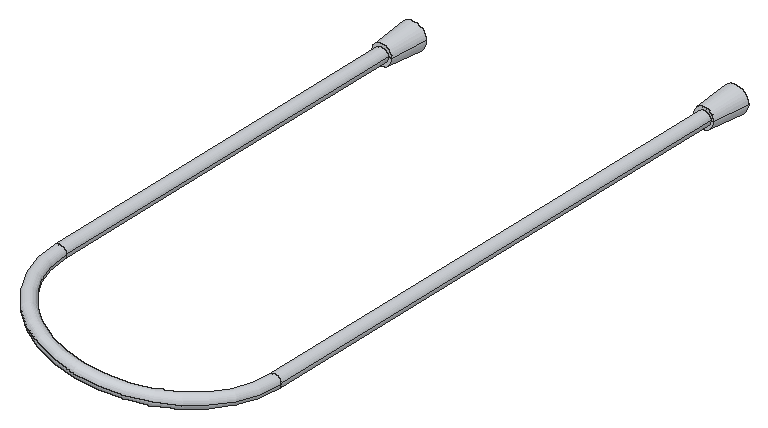
Revit family "Shower-Shower_Hose-KOHLER-Awaken-K-45982_1", category Plumbing Fixtures, host Face, Revit 2017
Family settings
  Host = Face
  Round Connector Dimension = Use Diameter
  Part Type = Normal
  OmniClass Number = 23.31.17.00
  OmniClass Title = Showers
  Cut with Voids When Loaded = No
  Shared = No
  Room Calculation Point = No
Parameters (values of type "CP-Polished Chrome")
  Width = 1/2"  # constant formula
  WaterSense Certified = 1 = 0  # no
  Waste Water Outlet = "Waste Water Outlet"  # constant formula
  Waste Connection = 1 = 0  # no
  Vent Connection = 1 = 0  # no
  URL = "https://www.us.kohler.com/us/"
  Type = 1
  Tempered Water Supply2 = "Tempered Water Supply2"  # constant formula
  Tempered Water Supply1 = "Tempered Water Supply1"  # constant formula
  Product Page URL = "http://www.us.kohler.com/us/catalog/productDetails.jsp?productId=45982"
  Product Name = "Awaken"  # constant formula
  Product Documentation Link = "https://www.us.kohler.com/webassets/kpna/catalog/pdf/en/K-45982_spec_US-CA_Kohler_en.pdf"
  Model = if(Type = 1, "K-45982-CP", if(Type = 2, "K-45982-SN", if(Type = 3, "K-45982-BN", if(Type = 4, "K-45982-2BZ", if(Type = 5, "K-45982-BL", "NA")))))  # "K-45982-CP"
  Material = "Premium Metal Construction"  # constant formula
  MasterFormat 2014 Name = "Residential Showers"  # constant formula
  MasterFormat 2014 = "22 42 23"  # constant formula
  Manufacturer Address = "444 Highland Dr, Kohler, WI 53044"  # constant formula
  Manufacturer = "KOHLER Co."  # constant formula
  Length = 60"  # constant formula
  Hot Water Inlet = "Hot Water Inlet"  # constant formula
  Height = Length  # 60"
  HW Connection = 1 = 1  # yes
  Finish = Kohler-Metal-CP-Polished_Chrome
  Environmental Product Declaration = ""
  Drain Included = 1 = 0  # no
  Distance Between Connectors [instance] = 8"
  Description = "60 inch ribbon hose"  # constant formula
  Default Elevation = 15"
  Declare Label = ""
  Date Modified = "07/07/2020"  # constant formula
  Date Created = "07/07/2020"  # constant formula
  Copyright = "Copyright KOHLER Co."  # constant formula
  Contact Us = "https://www.us.kohler.com/us/static/contact.jsp"
  Connector1 Distance From Wall [instance] = 4"
  Connector2 Distance From Wall [instance] = 5 1/2"
  Connector 2 Length [instance] = 15"
  Connector 1 Length [instance] = 20"
  Cold Water Inlet = "Cold Water Inlet"  # constant formula
  CW Connection = 1 = 0  # no
  Assembly Code = "D2010700"
  ADA Compliant = 1 = 1  # yes
Types (6): name | Type | Model | Finish
  (no name) | 1 | "K-45982-CP" | Kohler-Metal-CP-Polished_Chrome
  CP-Polished Chrome | 1 | "K-45982-CP" | Kohler-Metal-CP-Polished_Chrome
  SN-Vibrant  Polished Nickel | 2 | "K-45982-SN" | Kohler-Metal-SN-Vibrant_Polished_Nickel
  BN-Vibrant Brushed Nickel | 3 | "K-45982-BN" | Kohler-Metal-BN-Vibrant_Brushed_Nickel
  2BZ-Oil Rubbed Bronze | 4 | "K-45982-2BZ" | Kohler-Metal-2BZ-Oil_Rubbed_Bronze
  BL-Matte Black | 5 | "K-45982-BL" | Kohler-Metal-BL-Matte_Black
Reference planes (in)
  plane 1 "Center (Front/Back)": y = 0
  plane 2: z = 0
  plane 3 "Center (Left/Right)": x = 0
  plane 4: x = -8
  plane 5: y = 15
  plane 6: y = 20
  plane 7: y = 21.4375
  plane 8: y = 16.4375
  plane 9: z = 5.5
  plane 10: z = 4
  plane 11: x = -4
Dimensions and locks (in)
  "Connector 2 Length": plane 1 "Center (Front/Back)" to plane 5
  "Connector 1 Length": plane 1 "Center (Front/Back)" to plane 6
  "Distance Between Connectors": plane 4 to plane 3 "Center (Left/Right)"
  locked: plane 6 to plane 7 at 1.4375
  locked: plane 5 to plane 8 at 1.4375
  "Connector2 Distance From Wall": plane 9 to level
  "Connector1 Distance From Wall": plane 10 to level
  equal spacing: plane 4, plane 11, plane 3 "Center (Left/Right)"
  aligned and locked: plane 2 to host face
  aligned and locked: level to host face
Automatic sketch dimensions
  host sketch curve to host sketch curve = 96"  (x2)
Nested families (in)
  nested 1: "K-45982" at (0, 0, 0), Connector Length1 <- "Connector 1 Length", Connector Length2 <- "Connector 2 Length", Dist Between Connector <- "Distance Between Connectors", Dist Form Wall1 <- "Connector2 Distance From Wall", Dist Form Wall2 <- "Connector1 Distance From Wall", type "K-45982"
    with Dist Form Wall2 4", Dist Form Wall1 5 1/2", Dist Between Connector 8", Connector Length2 15", Connector Length1 20"
Connectors (in)
  piping at (0, 21.4375, 4), diameter 0.5, driven by "HW Connection", driven by "Tempered Water Supply1"
    settings: on nested 1, index 1, connector inside diameter 24", connector length 0", flow factor 0, pipe flow 0 GPM, pressure drop 0.00 psi, fitting loss kfactor 0, connector angle 0.00°, fixture units 0, engagement length 0", angle of deflection 0.00°, flow configuration 0, flow direction 0, fitting loss method 0, system type 19, joint type 0, gender type 0, connector reference index -1, connector utility 1, adjustable connector no, is connector primary yes, connector description "Tempered Water Supply1"
  piping at (-8, 16.4375, 5.5), diameter 0.5, driven by "HW Connection", driven by "Tempered Water Supply2"
    settings: on nested 1, index 2, connector inside diameter 24", connector length 0", flow factor 0, pipe flow 0 GPM, pressure drop 0.00 psi, fitting loss kfactor 0, connector angle 0.00°, fixture units 0, engagement length 0", angle of deflection 0.00°, flow configuration 0, flow direction 0, fitting loss method 0, system type 19, joint type 0, gender type 0, connector reference index -1, connector utility 1, adjustable connector no, is connector primary no, connector description "Tempered Water Supply2"
Definition of nested family "K-45982"
  Parameters (values of type "K-45982")
    Material = none
    Hose = yes
    Dist Form Wall2 [instance] = 5.90551"
    Dist Form Wall1 [instance] = 3.93701"
    Dist Between Connector [instance] = 5.90551"
    Connector Length2 [instance] = 7.87402"
    Connector Length1 [instance] = 5.90551"
  Reference planes (in)
    plane 1 "Center (Front/Back)": y = 0
    plane 2: z = 0
    plane 3 "Center (Left/Right)": x = 0
    plane 4: y = 7.87402
    plane 5: y = 5.90551
    plane 6: x = -5.90551
    plane 7 "D1": z = 3.93701
    plane 8 "D2": z = 5.90551
  Forms (in)
    Revolve 1, solid, material <- "Material"
      sketch origin (0, 0, 3.93701) x (-1, 0, 0) y (0, -1, 0)
        loop
          line (5.53051, -7.87402) -> (5.40551, -9.31152) -> (5.90551, -9.31152) -> (5.90551, -7.87402) -> (5.53051, -7.87402)
        axis (5.90551, -9.31152) -> (5.90551, -7.87402)
      angle from 0 to 360
    Revolve 2, solid, material <- "Material"
      sketch origin (0, 0, 5.90551) x (-1, 0, 0) y (0, -1, 0)
        loop
          line (-0.375, -5.90551) -> (-0.5, -7.34301) -> (0, -7.34301) -> (0, -5.90551) -> (-0.375, -5.90551)
        axis (0, -7.34301) -> (0, -5.90551)
      angle from 0 to 360
    Sweep 3, solid, material <- "Material"
      path origin (0, 0, 3.93701) x (-1, 0, 0) y (0, -1, 0)
        loop
          line (5.90551, -7.87402) -> (5.90551, 0)
      profile origin (-5.90551, 3.93701, 3.93701) x (1, 0, 0) y (0, 0, 1)
        loop
          circle (0, 0) r 0.25
    Sweep 4, solid, material <- "Material"
      path origin (0, 0, 5.90551) x (-1, 0, 0) y (0, -1, 0)
        loop
          line (0, -5.90551) -> (0, 0)
      profile origin (0, 2.95276, 5.90551) x (1, 0, 0) y (0, 0, 1)
        loop
          circle (0, 0) r 0.25
    Sweep 5, solid, material <- "Material"
      path origin (0, 0, 5.90551) x (-0.948683, 0, -0.316228) y (0, -1, 0)
        loop
          arc (6.22496, 0) -> (3.11248, 3.11248) -> (0, 0) r 3.11248
      profile origin (0, 0, 5.90551) x (-0.948683, 0, -0.316228) y (-0.316228, 0, 0.948683)
        loop
          circle (0, 0) r 0.25
  Cuts and joins
    joined: Revolve 1, Revolve 2, Sweep 3, Sweep 4, Sweep 5
  Lines and regions (in)
    reference lines
      curve 1: line (0, 0, 5.90551) -> (-5.90551, 0, 3.93701)
  Dimensions and locks (in)
    "Connector Length2": plane 1 "Center (Front/Back)" to plane 4
    "Connector Length1": plane 5 to plane 1 "Center (Front/Back)"
    "Dist Between Connector": plane 6 to plane 3 "Center (Left/Right)"
    locked: plane 6 to Revolve 1 sketch curve at 0.375
    locked: plane 3 "Center (Left/Right)" to Revolve 2 sketch curve at 0.5
    locked: plane 3 "Center (Left/Right)" to Revolve 2 sketch curve at 0.375
    "Dist Form Wall1": plane 7 "D1" to level
    "Dist Form Wall2": plane 8 "D2" to level
    locked: Revolve 2 sketch curve to Revolve 2 sketch curve at 1.4375
    locked: Revolve 1 sketch curve to Revolve 1 sketch curve at 1.4375
    locked: plane 6 to Revolve 1 sketch curve at 0.5
    aligned and locked: plane 2 to level
    aligned and locked: Revolve 1 sketch curve to plane 6
    aligned and locked: plane 6 to Revolve 1 sketch curve
    aligned and locked: Revolve 1 sketch curve to plane 4
    aligned and locked: plane 3 "Center (Left/Right)" to Revolve 2 sketch curve
    aligned and locked: Revolve 2 sketch curve to plane 3 "Center (Left/Right)"
    aligned and locked: plane 5 to Revolve 2 sketch curve
    aligned and locked: plane 6 to Sweep 3 sketch curve
    aligned and locked: plane 4 to Sweep 3 sketch curve
    aligned and locked: plane 1 "Center (Front/Back)" to Sweep 3 sketch curve
    aligned and locked: Sweep 4 sketch curve to plane 3 "Center (Left/Right)"
    aligned and locked: plane 5 to Sweep 4 sketch curve
    aligned and locked: plane 1 "Center (Front/Back)" to Sweep 4 sketch curve
    aligned and locked: plane 8 "D2" to curve 1
    aligned and locked: plane 3 "Center (Left/Right)" to curve 1
    aligned and locked: plane 6 to curve 1
    aligned and locked: plane 7 "D1" to curve 1
    aligned and locked: Sweep 5 sketch curve to Sweep 4
  Automatic sketch dimensions
    Sweep 3 sketch curve to plane 7 "D1" = 0"
    profile plane to Sweep 3 sketch curve = 0"
    Sweep 4 sketch curve to plane 8 "D2" = 0"
    profile plane to Sweep 4 sketch curve = 0"
    Sweep 5 sketch curve to curve 1 = 0"  (x3)
    Revolve 1 sketch curve to Revolve 1 sketch curve = 0.45153"
    plane 4 to Revolve 1 sketch curve = 0.13902"
    plane 5 to Revolve 2 sketch curve = 0.45153"
    Revolve 2 sketch curve to plane 5 = 0.13902"
    radius of Sweep 3 sketch curve = 1/4"
    radius of Sweep 4 sketch curve = 1/4"
